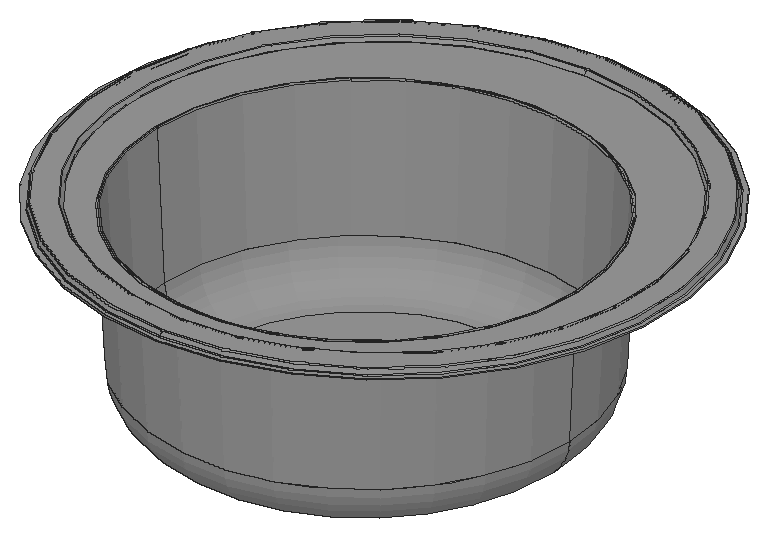
Revit family "Reece_Sink_Posh_Solus_Inset or Undermount Sink_Single Bowl_Round_1 Taphole", category Plumbing Fixtures, host Face, Revit 2018
Family settings
  Host = Face
  Round Connector Dimension = Use Diameter
  Part Type = Normal
  Cut with Voids When Loaded = No
  Shared = Yes
  Room Calculation Point = Yes
Parameters (values of type "1 Taphole_500mm_Stainless Steel")
  WFU = 0  # constant formula
  URL = "https://www.reece.com.au/product/-9508918"
  Type Comments = "Undermount Sink"
  Reece_Sink_is_Undermount [instance] = no
  Reece_Sink_Undermount_Offset [instance] = 20 mm
  Reece_Sink_Undermount_Offset_formula [instance] = if(Reece_Sink_Undermount_Offset < 0 mm, 0 mm, if(Reece_Sink_is_Undermount, Reece_Sink_Undermount_Offset + Reece_Sink_Lip Thickness, 0 mm))  # 0 mm
  Reece_Sink_Type = 1 Taphole_No Drainer_Stainless Steel : No Taphole_No Drainer_Stainless Steel
  Reece_Sink_Outlet = 40 mm  # constant formula
  Reece_Sink_Lip Thickness = 5.8 mm  # constant formula
  Reece_Product_Web Page = "https://www.reece.com.au/product/-9508918"
  Reece_Product_Type = "Undermount Sink"  # constant formula
  Reece_Product_Sub Brand = "Solus"  # constant formula
  Reece_Product_Number = "9508918"
  Reece_Product_Mount = "Inset / Undermount"
  Reece_Product_Description = "Posh Solus Round Inset/Undermount Sink 1 Taphole 500mm Stainless Steel"
  Reece_Product_Brand = "Posh"  # constant formula
  Reece_Overall_Width = 505 mm  # constant formula
  Reece_Overall_Length = 505 mm  # constant formula
  Reece_Overall_Height = 170 mm  # constant formula
  Reece_Overall_Capacity = 16.00 L  # constant formula
  Reece_Material_Secondary = Reece_Metal_Steel
  Reece_Material_Main = Reece_Metal_Steel
  Reece_Detail_Installation = "Inset/ Undermount"  # constant formula
  Reece_Detail_Disclaimer = "THIS FILE IS THE PROPERTY OF THE REECE GROUP. IT MAY NOT BE REPRODUCED, REVERSE-ENGINEERED OR MODIFIED. ANY REPUBLICATION, TRANSMISSION OR DISTRIBUTION FOR THE PURPOSE OF COMMERCIALLY EXPLOITING THE FILES IS PROHIBITED."  # constant formula
  Reece_Detail_Connector = "1 Taphole"  # constant formula
  Reece_Detail_Additional = "No Overflow"  # constant formula
  Model = "Solus"
  Manufacturer = "Posh"
  Keynote = "Product #9508918, Reece_Sink_Posh_Solus_Inset or Undermount Sink_Single Bowl_Round_1 Taphole - 1 Taphole_500mm_Stainless Steel"
  HWFU = 0  # constant formula
  Disclaimer = "THIS FILE IS THE PROPERTY OF THE REECE GROUP. IT MAY NOT BE REPRODUCED, REVERSE-ENGINEERED OR MODIFIED. ANY REPUBLICATION, TRANSMISSION OR DISTRIBUTION FOR THE PURPOSE OF COMMERCIALLY EXPLOITING THE FILES IS PROHIBITED."  # constant formula
  Description = "Single Bowl\r\n\r\n"
  Default Elevation = 0 mm
  CWFU = 0  # constant formula
Reference planes
  plane 1 "Center (Front/Back)": y = -79.125
  plane 2 "Top of surface": z = 0
  plane 3 "Center (Left/Right)": x = 0
  plane 4 "Offset": z = 0
  plane 5: z = -164.2
  plane 6: x = 252.5
  plane 7: x = -252.5
  plane 8: y = 173.375
  plane 9: y = -331.625
  plane 10 "Top of Sink": z = 5.8
Forms (mm)
  Extrusion 1, void
    sketch origin (0, 0, 0) x (1, 0, 0) y (0, 1, 0)
      loop
        circle (0, -79.125) r 222.5
    from -235.336 to 1
Text (mm)
  text "Reece Copyright © 2018, Reece Ltd." at (-902.343, -740.328, 0), in view "Ref. Level"
  text "Reece ©" at (44.384, 258.95, 192.345), in view "Reece Preview"
Dimensions and locks
  "Reece_Sink_Undermount_Offset_formula": plane 2 "Top of surface" to plane 4 "Offset"
  "Reece_Overall_Length": plane 7 to plane 6
  "Reece_Overall_Width": plane 8 to plane 9
  "Reece_Overall_Height": plane 10 "Top of Sink" to plane 5
  locked: plane 10 "Top of Sink" to plane 4 "Offset" at 5.8
  aligned and locked: plane 2 "Top of surface" to host face
  aligned and locked: level to host face
  aligned and locked: plane 3 "Center (Left/Right)" to nested 1
Automatic sketch dimensions
  host sketch curve to host sketch curve = 801.051 mm
  host sketch curve to host sketch curve = 660.299 mm
  Extrusion 1 sketch curve to plane 9 = 30 mm
  Extrusion 1 sketch curve to Extrusion 1 sketch curve = 0 mm  (x2)
  Extrusion 1 sketch curve to plane 3 "Center (Left/Right)" = 0 mm
  plane 1 "Center (Front/Back)" to Extrusion 1 sketch curve = 0 mm
Nested families
  nested 1: "1 Taphole_No Drainer_Stainless Steel" at (0, 0, 0), type <- "Reece_Sink_Type", Reece_Material_Main <- "Reece_Material_Main", Reece_Material_Secondary <- "Reece_Material_Secondary", type "No Taphole_No Drainer_Stainless Steel"
    with Reece_Material_Secondary Reece_Metal_Steel, Reece_Material_Main Reece_Metal_Steel
Connectors
  piping at (0.047, -99.125, -198.768), diameter 40, driven by "Reece_Sink_Outlet"
    settings: on nested 1, index 1, connector inside diameter 609.6 mm, connector length 0 mm, flow factor 0, pipe flow 0.0 L/s, pressure drop 0.0 Pa, fitting loss kfactor 0, connector angle 0.00°, fixture units 0, engagement length 0 mm, angle of deflection 0.00°, flow configuration 0, flow direction 2, fitting loss method 0, system type 16, joint type 0, gender type 0, connector reference index -1, connector utility 0, adjustable connector no, is connector primary yes, connector description ""
Definition of nested family "1 Taphole_No Drainer_Stainless Steel"
  Parameters (values of type "No Taphole_No Drainer_Stainless Steel")
    WFU = 0  # constant formula
    Reece_Sink_Outlet 1 = 40 mm  # constant formula
    Reece_Product_Web Page = ""
    Reece_Product_Type = "Undermount Sink"  # constant formula
    Reece_Product_Sub Brand = "Solus"  # constant formula
    Reece_Product_Number = ""
    Reece_Product_Mount = "Inset/ Undermount"  # constant formula
    Reece_Product_Description = "Single Bowl\r\n\r\n"  # constant formula
    Reece_Product_Brand = "Posh"  # constant formula
    Reece_Overall_Width = 505 mm
    Reece_Overall_Length = 505 mm
    Reece_Overall_Height = 180 mm
    Reece_Overall_Capacity = 16.00 L  # constant formula
    Reece_Material_Secondary [instance] = none
    Reece_Material_Main [instance] = none
    Reece_Detail_Installation = "Inset/ Undermount"  # constant formula
    Reece_Detail_Connector = "No Taphole"  # constant formula
    Reece_Detail_Additional = "No Overflow"  # constant formula
    HWFU = 0  # constant formula
    Default Elevation = 1000 mm
    CWFU = 0  # constant formula
  Reference planes
    plane 1 "Center (Front/Back)": y = -79.125
    plane 2 "Bottom": z = 0
    plane 3 "Center (Left/Right)": x = 0
    plane 4: z = -164.2
    plane 5: x = 252.5
    plane 6: x = -252.5
    plane 7: y = 173.375
    plane 8: y = -331.625
    plane 9: z = 5.8
  Forms (mm)
    Extrusion 1, solid
      sketch origin (619.2, -619.2, 0) x (1, 0, 0) y (0, 1, 0)
        loop
          line (-904.084, 839.2) -> (-904.084, 178.901) -> (-336.602, 178.901) -> (-336.602, 839.2) -> (-904.084, 839.2)
      from 0 to -216.096
    Sweep 2, solid, material <- "Reece_Material_Main"
      path origin (2.105, -38.968, 0) x (1, 0, 0) y (0, 1, 0)
        loop
          circle (-2.105, -60.156) r 185
      profile origin (0, 85.875, 0) x (0, -1, 0) y (0, 0, 1)
        loop
          line (-0.907, 2) -> (-2, 2) -> (4.319, -118.576)
          arc (4.319, -118.576) -> (17.351, -146.844) -> (46.262, -158.378) r 42
          line (46.262, -158.378) -> (50.875, -158.378) -> (50.875, -156.378) -> (46.262, -156.378)
          arc (46.262, -156.378) -> (18.727, -145.393) -> (6.316, -118.471) r 40
          line (6.316, -118.471) -> (0.05, 1.091)
          arc (0.05, 1.091) -> (-0.247, 1.737) -> (-0.907, 2) r 0.959
    Extrusion 3, solid, material <- "Reece_Material_Main"
      sketch origin (-199.927, -120.044, 51.271) x (1, 0, 0) y (0, 1, 0)
        loop
          circle (199.927, 20.919) r 60
        loop
          circle (199.927, 20.919) r 134.125
      from -209.681 to -207.681
    Extrusion 4, solid, material <- "Reece_Material_Main"
      sketch origin (0, -20, 0) x (1, 0, 0) y (0, 1, 0)
        loop
          circle (0, -79.125) r 187
        loop
          circle (0, -59.125) r 222.5
      from 0 to 2
    Sweep 5, solid, material <- "Reece_Material_Main"
      path in 3D
        loop
          arc (0, 143.375, 2) -> (222.5, -79.125, 2) -> (0, -301.625, 2) r 222.5
          arc (0, -301.625, 2) -> (-222.5, -79.125, 2) -> (0, 143.375, 2) r 222.5
      profile origin (-222.5, -79.125, 2) x (-1, 0, 0) y (0, 0, 1)
        loop
          line (30, -1) -> (26, -1)
          arc (26, -1) -> (25.481, -0.856) -> (25.11, -0.465) r 1.007
          line (25.11, -0.465) -> (23.843, 3.017)
          arc (23.843, 3.017) -> (23.407, 3.585) -> (22.725, 3.8) r 1.19
          line (22.725, 3.8) -> (3, 3.8)
          arc (3, 3.8) -> (2.506, 3.696) -> (2.097, 3.402) r 1.223
          line (2.097, 3.402) -> (0, 0) -> (0, -1.2) -> (2.553, 2.377)
          arc (2.553, 2.377) -> (2.912, 2.688) -> (3.373, 2.8) r 1.008
          line (3.373, 2.8) -> (22.152, 2.8)
          arc (22.152, 2.8) -> (22.73, 2.618) -> (23.099, 2.137) r 1.008
          line (23.099, 2.137) -> (24.19, -0.861)
          arc (24.19, -0.861) -> (24.931, -1.692) -> (26, -2) r 2.007
          line (26, -2) -> (30, -2) -> (30, -1)
    Revolve 6, solid, material <- "Reece_Material_Main"
      sketch origin (0.047, -99.125, -17.21) x (1, 0, 0) y (0, 0, 1)
        loop
          line (18, -181.558) -> (20, -181.558) -> (20, -168.342)
          arc (20, -168.342) -> (33.772, -159.156) -> (45, -146.99) r 69.965
          line (45, -146.99) -> (42.511, -146.99)
          arc (42.511, -146.99) -> (31.445, -158.496) -> (18, -167.102) r 67.965
          line (18, -167.102) -> (18, -181.558)
        axis (0, -146.99) -> (0, -181.558)
      angle from 0 to 360
    Extrusion 7, void
      sketch origin (0.047, -20, 21.79) x (1, 0, 0) y (0, 1, 0)
        loop
          arc (-31.713, -77.625) -> (-33.213, -79.125) -> (-31.713, -80.625) r 1.5
          line (-31.713, -80.625) -> (-21.713, -80.625)
          arc (-21.713, -80.625) -> (-20.213, -79.125) -> (-21.713, -77.625) r 1.5
          line (-21.713, -77.625) -> (-31.713, -77.625)
        loop
          arc (-29.287, -66.869) -> (-31.21, -67.765) -> (-30.313, -69.688) r 1.5
          line (-30.313, -69.688) -> (-20.916, -73.108)
          arc (-20.916, -73.108) -> (-18.994, -72.212) -> (-19.89, -70.289) r 1.5
          line (-19.89, -70.289) -> (-29.287, -66.869)
        loop
          arc (-23.329, -57.591) -> (-25.442, -57.776) -> (-25.257, -59.889) r 1.5
          line (-25.257, -59.889) -> (-17.597, -66.317)
          arc (-17.597, -66.317) -> (-15.484, -66.132) -> (-15.669, -64.019) r 1.5
          line (-15.669, -64.019) -> (-23.329, -57.591)
        loop
          arc (-14.557, -50.911) -> (-16.606, -50.362) -> (-17.155, -52.411) r 1.5
          line (-17.155, -52.411) -> (-12.155, -61.071)
          arc (-12.155, -61.071) -> (-10.106, -61.62) -> (-9.557, -59.571) r 1.5
          line (-9.557, -59.571) -> (-14.557, -50.911)
        loop
          arc (-4.03, -47.633) -> (-5.767, -46.417) -> (-6.984, -48.154) r 1.5
          line (-6.984, -48.154) -> (-5.248, -58.002)
          arc (-5.248, -58.002) -> (-3.51, -59.219) -> (-2.293, -57.481) r 1.5
          line (-2.293, -57.481) -> (-4.03, -47.633)
        loop
          line (31.713, -77.625) -> (21.713, -77.625)
          arc (21.713, -77.625) -> (20.213, -79.125) -> (21.713, -80.625) r 1.5
          line (21.713, -80.625) -> (31.713, -80.625)
          arc (31.713, -80.625) -> (33.213, -79.125) -> (31.713, -77.625) r 1.5
        loop
          line (29.287, -66.869) -> (19.89, -70.289)
          arc (19.89, -70.289) -> (18.994, -72.212) -> (20.916, -73.108) r 1.5
          line (20.916, -73.108) -> (30.313, -69.688)
          arc (30.313, -69.688) -> (31.21, -67.765) -> (29.287, -66.869) r 1.5
        loop
          line (23.329, -57.591) -> (15.669, -64.019)
          arc (15.669, -64.019) -> (15.484, -66.132) -> (17.597, -66.317) r 1.5
          line (17.597, -66.317) -> (25.257, -59.889)
          arc (25.257, -59.889) -> (25.442, -57.776) -> (23.329, -57.591) r 1.5
        loop
          line (14.557, -50.911) -> (9.557, -59.571)
          arc (9.557, -59.571) -> (10.106, -61.62) -> (12.155, -61.071) r 1.5
          line (12.155, -61.071) -> (17.155, -52.411)
          arc (17.155, -52.411) -> (16.606, -50.362) -> (14.557, -50.911) r 1.5
        loop
          line (4.03, -47.633) -> (2.293, -57.481)
          arc (2.293, -57.481) -> (3.51, -59.219) -> (5.248, -58.002) r 1.5
          line (5.248, -58.002) -> (6.984, -48.154)
          arc (6.984, -48.154) -> (5.767, -46.417) -> (4.03, -47.633) r 1.5
        loop
          line (-29.287, -91.381) -> (-19.89, -87.96)
          arc (-19.89, -87.96) -> (-18.994, -86.038) -> (-20.916, -85.141) r 1.5
          line (-20.916, -85.141) -> (-30.313, -88.561)
          arc (-30.313, -88.561) -> (-31.21, -90.484) -> (-29.287, -91.381) r 1.5
        loop
          line (-23.329, -100.658) -> (-15.669, -94.23)
          arc (-15.669, -94.23) -> (-15.484, -92.117) -> (-17.597, -91.932) r 1.5
          line (-17.597, -91.932) -> (-25.257, -98.36)
          arc (-25.257, -98.36) -> (-25.442, -100.473) -> (-23.329, -100.658) r 1.5
        loop
          line (-14.557, -107.339) -> (-9.557, -98.678)
          arc (-9.557, -98.678) -> (-10.106, -96.629) -> (-12.155, -97.178) r 1.5
          line (-12.155, -97.178) -> (-17.155, -105.839)
          arc (-17.155, -105.839) -> (-16.606, -107.888) -> (-14.557, -107.339) r 1.5
        loop
          line (-4.03, -110.616) -> (-2.293, -100.768)
          arc (-2.293, -100.768) -> (-3.51, -99.03) -> (-5.248, -100.247) r 1.5
          line (-5.248, -100.247) -> (-6.984, -110.095)
          arc (-6.984, -110.095) -> (-5.767, -111.833) -> (-4.03, -110.616) r 1.5
        loop
          arc (29.287, -91.381) -> (31.21, -90.484) -> (30.313, -88.561) r 1.5
          line (30.313, -88.561) -> (20.916, -85.141)
          arc (20.916, -85.141) -> (18.994, -86.038) -> (19.89, -87.96) r 1.5
          line (19.89, -87.96) -> (29.287, -91.381)
        loop
          arc (23.329, -100.658) -> (25.442, -100.473) -> (25.257, -98.36) r 1.5
          line (25.257, -98.36) -> (17.597, -91.932)
          arc (17.597, -91.932) -> (15.484, -92.117) -> (15.669, -94.23) r 1.5
          line (15.669, -94.23) -> (23.329, -100.658)
        loop
          arc (14.557, -107.339) -> (16.606, -107.888) -> (17.155, -105.839) r 1.5
          line (17.155, -105.839) -> (12.155, -97.178)
          arc (12.155, -97.178) -> (10.106, -96.629) -> (9.557, -98.678) r 1.5
          line (9.557, -98.678) -> (14.557, -107.339)
        loop
          arc (4.03, -110.616) -> (5.767, -111.833) -> (6.984, -110.095) r 1.5
          line (6.984, -110.095) -> (5.248, -100.247)
          arc (5.248, -100.247) -> (3.51, -99.03) -> (2.293, -100.768) r 1.5
          line (2.293, -100.768) -> (4.03, -110.616)
      from -204.763 to -183
    Revolve 8, solid, material <- "Reece_Material_Secondary"
      sketch origin (0.047, -99.125, -17.92) x (1, 0, 0) y (0, 0, 1)
        loop
          line (0, -157.338) -> (16.998, -157.338)
          arc (16.998, -157.338) -> (28.197, -153.597) -> (34.898, -143.876) r 18.633
          line (34.898, -143.876) -> (36.003, -143.876) -> (36.003, -142.662) -> (47.722, -142.662) -> (50.998, -142.662) -> (50.998, -141.662) -> (35.604, -141.662)
          arc (35.604, -141.662) -> (35.179, -141.838) -> (35.003, -142.263) r 0.601
          line (35.003, -142.263) -> (35.003, -143.22)
          arc (35.003, -143.22) -> (34.5, -142.717) -> (33.998, -143.22) r 0.503
          arc (33.998, -143.22) -> (27.683, -152.565) -> (16.998, -156.172) r 17.633
          line (16.998, -156.172) -> (3.95, -156.172)
          arc (3.95, -156.172) -> (2.139, -149.549) -> (1.843, -142.689) r 30.745
          line (1.843, -142.689) -> (3.708, -142.689)
          arc (3.708, -142.689) -> (4.213, -142.254) -> (3.848, -141.696) r 0.506
          arc (3.848, -141.696) -> (1.942, -141.304) -> (0, -141.173) r 14.401
          line (0, -141.173) -> (0, -157.338)
        axis (0, -141.173) -> (0, -157.338)
      angle from 0 to 360
    Sweep 9, solid, material <- "Reece_Material_Main"
      path in 3D
        loop
          arc (-59.953, -99.125, -156.41) -> (0.047, -159.125, -156.41) -> (60.047, -99.125, -156.41) r 60
          arc (60.047, -99.125, -156.41) -> (0.047, -39.125, -156.41) -> (-59.953, -99.125, -156.41) r 60
      profile origin (-59.953, -99.125, -156.41) x (1, 0, 0) y (0, 0, 1)
        loop
          line (0, 0) -> (0, -0.8) -> (15, -7.79) -> (15, -6.928) -> (0, 0)
  Cuts and joins
    Extrusion 7 cuts Revolve 8
    joined: Sweep 2, Extrusion 3
  Lines and regions (mm)
    sketch lines
      curve 1: arc (0, -301.625, 2) -> (-222.5, -79.125, 2) -> (0, 143.375, 2) r 222.5
      curve 2: arc (0, 143.375, 2) -> (222.5, -79.125, 2) -> (0, -301.625, 2) r 222.5
      curve 4: arc (60.047, -99.125, -156.41) -> (0.047, -39.125, -156.41) -> (-59.953, -99.125, -156.41) r 60
      curve 5: arc (-59.953, -99.125, -156.41) -> (0.047, -159.125, -156.41) -> (60.047, -99.125, -156.41) r 60
    model lines
      curve 3: circle (0, 116.156, 2) r 17.5 normal (0, 0, 1)
  Text (mm)
    text "Reece Copyright © 2018, Reece Ltd." at (-902.343, -740.328, 0), in view "Ref. Level"
    text "Reece ©" at (44.384, 258.95, 192.345), in view "Reece Preview"
  Dimensions and locks
    plane 2 "Bottom" to plane 4 = 164.2 mm
    plane 6 to plane 5 = 505 mm
    plane 8 to plane 7 = 505 mm
    aligned and locked: plane 2 "Bottom" to Extrusion 1
    aligned and locked: level to Extrusion 1
